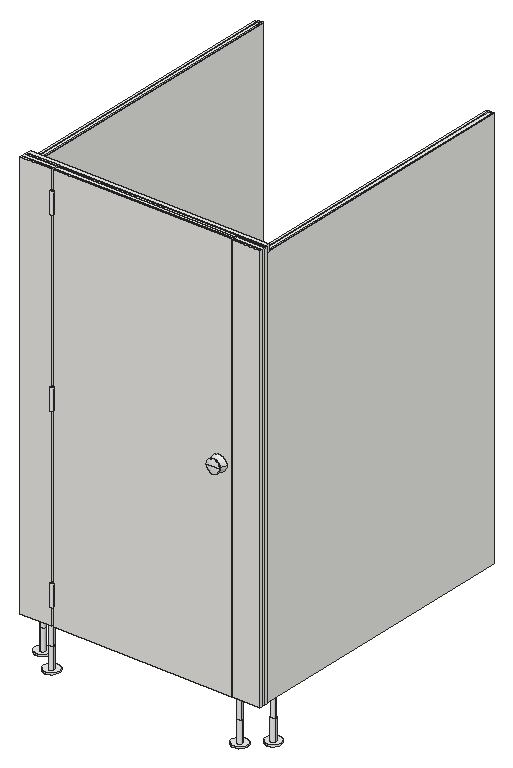
Revit family "Alsanit - Kabiny sanitarne PERSEI - Sandwich", category Doors, Revit 2020
Family settings
  Work Plane-Based = No
  Always vertical = Yes
  Cut with Voids When Loaded = No
  Shared = No
  Room Calculation Point = No
Parameters (values of type "36 mm")
  Średnica wspornika górnego = 57.00 mm  # constant formula
  Średnica nóżki 3 = 70.00 mm  # constant formula
  Średnica nóżki 2 = 22.00 mm  # constant formula
  Wysokość profilu [instance] = if([Typ - kabina podwyższana], 15.00 mm, 475.00 mm)  # 475.00 mm
  Wysokość belki wzmacniającej [instance] = if(or(Prawa strona połączona, Lewa strona połączona, Prawa strona przy ścianie, Lewa strona przy ścianie), 2000.00 mm, Wysokość modułu - 30.00 mm)  # 2000.00 mm
  Width = 0.00 mm  # constant formula
  Type Comments = "Kabiny sanitarne (ścianki giszetowe do WC)"
  Typ nóżek [instance] = and((Thickness < 28.00 mm), not([Typ - kabina bez prześwitu]))  # no
  Typ nózek centralny [instance] = and((Thickness > 28.00 mm), not([Typ - kabina bez prześwitu]))  # yes
  Thickness = Grubość ścianki  # 36.00 mm
  Szerokość drzwi (max. 1000 mm) [instance] = 800.00 mm
  Rough Width = 0.00 mm  # constant formula
  Rough Height = 0.00 mm  # constant formula
  Prawa podpora belki widoczność [instance] = not(Prawa strona przy ścianie)  # yes
  Prawa belka odsunięcie [instance] = if(and(Prawa strona zamknięta, ([Typ - kabina podwyższana])), 0.00 mm, if(Prawa strona połączona, Grubość ścianki / 2, if(Prawa strona przy ścianie, Grubość ścianki + 7.00 mm, Grubość ścianki)))  # 36.00 mm
  Podcięcie na geberit - prawe [instance] = no
  Podcięcie na geberit - prawa wartość [instance] = if([Podcięcie na geberit - prawe], Szerokość wewnętrzna modułu / 2 + 50.00 mm, 5.00 mm)  # 5.00 mm
  Podcięcie na geberit - odsunięcie poziome wartość [instance] = if([Podcięcie na geberit - odsunięcie poziome] = 0.00 mm, 5.00 mm, [Podcięcie na geberit - odsunięcie poziome])  # 5.00 mm
  Podcięcie na geberit - odsunięcie poziome [instance] = 0.00 mm
  Podcięcie na geberit - odsunięcie pionowe wartość [instance] = if([Podcięcie na geberit - odsunięcie pionowe] = 0.00 mm, 5.00 mm, [Podcięcie na geberit - odsunięcie pionowe])  # 5.00 mm
  Podcięcie na geberit - odsunięcie pionowe [instance] = 0.00 mm
  Podcięcie na geberit - lewe [instance] = no
  Podcięcie na geberit - lewa wartość [instance] = if([Podcięcie na geberit - lewe], Szerokość wewnętrzna modułu / 2 + 50.00 mm, 5.00 mm)  # 5.00 mm
  Odległość belki [instance] = 10.00 mm  # constant formula
  Nóżka prawa centralna [instance] = and(Typ nózek centralny, Prawa strona zamknięta)  # yes
  Nóżka lewa centralna [instance] = and(Typ nózek centralny, Lewa strona zamknięta)  # yes
  Nóżka lewa [instance] = and(Typ nóżek, not(Lewa strona połączona), not(Lewa strona przy ścianie))  # no
  Średnica nóżki 1 = 20.00 mm  # constant formula
  Nózka prawa [instance] = and(Typ nóżek, not(Prawa strona przy ścianie))  # no
  Lewa strona belka odsunięcie [instance] = if(and(Lewa strona zamknięta, ([Typ - kabina podwyższana])), 0.00 mm, if(Lewa strona połączona, Grubość ścianki / 2, if(Lewa strona przy ścianie, Grubość ścianki + 7.00 mm, Grubość ścianki)))  # 36.00 mm
  Lewa podpora belki widoczność [instance] = and(not(Lewa strona przy ścianie), not(Lewa strona połączona))  # yes
  Krótki opis = "Kabiny sanitarne ALSANIT posiadające oznaczenie CE zgodnie z parametrami systemu"
  Typ - kabina podwyższana [instance] = no
  Typ - kabina bez prześwitu [instance] = no
  Height = 0.00 mm  # constant formula
  Grubość profilu [instance] = 16.00 mm  # constant formula
  Function = Interior
  Film Instruktażowy = "https://youtu.be/qyrI1CfgFO4"
  Define Thermal Properties by = Schematic Type
  Construction Type = "Kabiny sanitarne"
  Belka lift widoczność [instance] = if(and((Lewa strona przy ścianie), (Prawa strona przy ścianie)), 1 = 0, 1 = 1)  # yes
  Analytic Construction = "<None>"
  Akcesoria - wzmocnienie pionowe prawe [instance] = [Odsunięcie prawej ścianki od osi (min. 60 mm)] > 399.00 mm  # no
  Akcesoria - wzmocnienie pionowe lewe [instance] = (Szerokość wewnętrzna modułu - [Szerokość drzwi (max. 1000 mm)] - [Odsunięcie prawej ścianki od osi (min. 60 mm)]) > 400.00 mm  # no
  Wysokość ścianki łączącej [instance] = if([2030], 2000.00 mm, if((Prawa strona połączona), 2000.00 mm, [Wysokość modułu (2050 - 2600 mm)] - 10.00 mm))  # 2000.00 mm
  Szerokość zewnętrzna modułu [instance] = 1078.00 mm
  Szerokość wewnętrzna modułu [instance] = 1000.00 mm
  Szerokość obliczona [instance] = if(and(Lewa strona przy ścianie, Prawa strona przy ścianie), Szerokość wewnętrzna modułu - 2 * (Grubość ścianki + 7.00 mm), if(or(Lewa strona przy ścianie, Prawa strona przy ścianie), Szerokość wewnętrzna modułu - Grubość ścianki - 7.00 mm, Szerokość wewnętrzna modułu))  # 1000.00 mm
  Odsunięcie ścianki lewej [instance] = if([2600], 10.00 mm, 30.00 mm)  # 30.00 mm
  Odsunięcie górne ścianek frontowych [instance] = if(Belka usztywniająca wzmocniona, 20.00 mm, if([2600], 10.00 mm, 0.00 mm))  # 0.00 mm
  Wysokość szczeliny drzwi [instance] = if([0], 30.00 mm, 188.00 mm)  # 188.00 mm
  Odsunięcie profili w ściance łączącej [instance] = if([2030], 0.00 mm, if(Prawa strona połączona, 0.00 mm, 0.00 mm))  # 0.00 mm
  Wysokość modułu (2050 - 2600 mm) [instance] = 2500.00 mm
  Wysokość modułu [instance] = if([2030], 2030.00 mm, if([Wysokość modułu (2050 - 2600 mm)] < 2050.00 mm, 2050.00 mm, if([Wysokość modułu (2050 - 2600 mm)] > 2600.00 mm, 2600.00 mm, [Wysokość modułu (2050 - 2600 mm)])))  # 2030.00 mm
  Wysokość dolnej szczeliny [instance] = if([0], 0.00 mm, 188.00 mm)  # 188.00 mm
  Wysokość belek frontowych bocznych [instance] = if([0], 0.00 mm, 188.00 mm)  # 188.00 mm
  URL = "https://www.alsanit.pl/"
  Typ 2600 prawa strona zamknięta [instance] = and([2600], Prawa strona zamknięta)  # no
  Typ 2600 lewa strona zamknięta [instance] = and([2600], Lewa strona zamknięta)  # no
  Typ 188 prawa strona nie przy ścianie [instance] = and([188], not(Prawa strona przy ścianie))  # yes
  Typ 188 lewa strona zamknięta [instance] = and([188], Lewa strona zamknięta)  # yes
  Typ 00 prawa strona nie przy ścianie [instance] = and([0], not(Prawa strona przy ścianie))  # no
  Typ 00 lewa strona zamknięta [instance] = and([0], Lewa strona zamknięta)  # no
  2600 [instance] = [Typ - kabina podwyższana]  # no
  2030 [instance] = not([Typ - kabina podwyższana])  # yes
  188 [instance] = not([Typ - kabina bez prześwitu])  # yes
  0 [instance] = [Typ - kabina bez prześwitu]  # no
  Rodzaj płyt = "SP - Płyta sandwichowa"
  Prawe odsunięcie belki dolnej [instance] = if(Prawa strona przy ścianie, 30.00 mm, 0.00 mm)  # 0.00 mm
  Prawa strona niepołączona [instance] = not(Prawa strona połączona)  # yes
  Prawe odsunięcie belki wzmocnionej [instance] = if([2030], 0.00 mm, if(Prawa strona zamknięta, Prawe odsunięcie osi + Grubość ścianki / 2 + 1.50 mm, 0.00 mm))  # 0.00 mm
  Odsunięcie górne belek frontowych [instance] = if(Belka usztywniająca wzmocniona, 30.00 mm, if([2600], 30.00 mm, 0.00 mm))  # 0.00 mm
  Odsunięcie belek od dołu [instance] = if([0], 28.50 mm, 0.00 mm)  # 0.00 mm
  Lewe odsunięcie belki wzmocnionej [instance] = if([2030], 0.00 mm, if(Lewa strona zamknięta, Prawe odsunięcie osi + Grubość ścianki / 2 + 1.50 mm, 0.00 mm))  # 0.00 mm
  Model = "PERSEI"
  Manufacturer = "Alsanit"
  Lewe odsunięcie belki dolnej [instance] = if(Lewa strona przy ścianie, 30.00 mm, 0.00 mm)  # 0.00 mm
  Lewa strona niepołączona [instance] = not(Lewa strona połączona)  # yes
  Głębokość modułu (max. 1600 mm) [instance] = 1290.00 mm
  Głębokość modułu [instance] = if([Głębokość modułu (max. 1600 mm)] > 1500.00 mm, 1600.00 mm, [Głębokość modułu (max. 1600 mm)])  # 1290.00 mm
  Description = "Kabiny sanitarne to idealna kombinacja trwałości i estetyki w najnowszej cenie. Ze względu na estetyczność zastosowań jest najchętniej kupowanym systemem kabin sanitarnych w Polsce."
  Belka usztywniająca wzmocniona [instance] = and([2030], Szerokość wewnętrzna modułu > 1300.00 mm)  # no
  Belka usztywniająca [instance] = and(not(Belka usztywniająca wzmocniona), not([Typ - kabina podwyższana]))  # yes
  Autor = "www.archispace.pl"
  Orientacja - na zewnątrz [instance] = not([Orientacja - do wewnątrz])  # yes
  Orientacja - do wewnątrz [instance] = no
  Wysokość drzwi [instance] = if(Belka usztywniająca wzmocniona, 2030.00 mm, if([2600], 2015.00 mm, 2030.00 mm))  # 2030.00 mm
  Ścianka łącząca [instance] = not(Prawa strona przy ścianie)  # yes
  Szerokość drzwi [instance] = if([Szerokość drzwi (max. 1000 mm)] > 1000.00 mm, 1000.00 mm, [Szerokość drzwi (max. 1000 mm)])  # 800.00 mm
  Prawe odsunięcie osi [instance] = if(Prawa strona zamknięta, Grubość ścianki / 2 + 3.00 mm, if(Prawa strona przy ścianie, Grubość ścianki / 2 + 7.00 mm, 0.00 mm))  # 21.00 mm
  Prawa strona zamknięta typ = Rodzaj połączenia : Zamknięta
  Prawa strona zamknięta [instance] = [Połączenie - prawa strona] = Prawa strona zamknięta typ  # yes
  Prawa strona przy ścianie typ = Rodzaj połączenia : Przy ścianie
  Prawa strona przy ścianie [instance] = [Połączenie - prawa strona] = Prawa strona przy ścianie typ  # no
  Prawa strona połączona typ = Rodzaj połączenia : Połączona
  Prawa strona połączona [instance] = [Połączenie - prawa strona] = Prawa strona połączona typ  # no
  Prawe odsunięcie osi panelu [instance] = if(Prawa strona przy ścianie, 10.00 mm, 0.00 mm)  # 0.00 mm
  Odsunięcie prawej ścianki od osi (min. 60 mm) [instance] = 100.00 mm
  Połączenie - prawa strona [instance] = Rodzaj połączenia : Zamknięta
  Orientacja - odbij lustrzanie [instance] = no
  Materiał płyt = Alsanit - SANDWICH - Biały 9016
  Materiał okuć = Alsanit - Aluminium
  Materiał wsporników = Alsanit - Aluminium
  Materiał belek = Alsanit - Aluminium
  Lewe odsunięcie osi panelu [instance] = if(Lewa strona przy ścianie, 10.00 mm, 0.00 mm)  # 0.00 mm
  Lewe odsunięcie osi [instance] = if(Lewa strona zamknięta, Grubość ścianki / 2 + 3.00 mm, if(Lewa strona przy ścianie, Grubość ścianki / 2 + 7.00 mm, 0.00 mm))  # 21.00 mm
  Lewa strona zamknięta typ = Rodzaj połączenia : Zamknięta
  Lewa strona zamknięta [instance] = [Połączenie - lewa strona] = Lewa strona zamknięta typ  # yes
  Lewa strona przy ścianie typ = Rodzaj połączenia : Przy ścianie
  Lewa strona przy ścianie [instance] = [Połączenie - lewa strona] = Lewa strona przy ścianie typ  # no
  Lewa strona połączona typ = Rodzaj połączenia : Połączona
  Lewa strona połączona [instance] = [Połączenie - lewa strona] = Lewa strona połączona typ  # no
  Odsunięcie lewej ścianki od osi (min. 60 mm) [instance] = 122.00 mm
  Połączenie - lewa strona [instance] = Rodzaj połączenia : Zamknięta
  Grubość ścianki = 36.00 mm
  Default Elevation = 0.00 mm
  Orientacja - bez odbicia [instance] = not([Orientacja - odbij lustrzanie])  # yes
Reference planes
  plane 1 "Center (Front/Back)": y = 0
  plane 2: z = 0
  plane 3 "Center (Left/Right)": x = 0
  plane 4: x = -500
  plane 5: x = 500
  plane 6: x = 518
  plane 7: x = 536
  plane 8: x = -518
  plane 9: x = -536
  plane 10: y = -1290
  plane 11: y = -1326
  plane 12: y = -10
  plane 13: y = -1284
  plane 14: y = -1308
  plane 15 "Lewa oś wstawienia": x = -539
  plane 16 "Prawa oś wstawienia": x = 539
  plane 17: y = -1224.5
  plane 18: x = 418
  plane 19: x = 411
  plane 20: x = -389
  plane 21: x = -396
  plane 22 "Prawe odsunięcie osi panelu": x = 539
  plane 23 "Lewe odsunięcie osi panelu": x = -539
  plane 24: x = 11
  plane 25: x = -412.5
  plane 26: x = 434.5
  plane 27: z = 188
  plane 28 "Wysokość modułu": z = 2030
  plane 29 "Odsunięcie górne ścianek frontowych": z = 2030
  plane 30: y = -1288.5
  plane 31: x = -539
  plane 32: x = 539
  plane 33: z = 100
  plane 34: z = 243.5
  plane 35: z = 2000
  plane 36: z = 188
  plane 37: x = -539
  plane 38: x = 539
  plane 39: z = 188
  plane 40: z = 2000
  plane 41: z = 2000
  plane 42: z = 2000
  plane 43: z = 2000
  plane 44: z = 2000
  plane 45: z = 2000
  plane 46: x = 608
  plane 47: x = -586
  plane 48: z = 2035
  plane 49: z = 2030
  plane 50: z = 2000
  plane 51: z = 2000
  plane 52: z = 2000
  plane 53: z = 2000
  plane 54: x = -604
  plane 55: x = -568
  plane 56: x = 590
  plane 57: x = 626
  plane 58: x = -5
  plane 59: x = 5
  plane 60: z = 5
  plane 61: y = -5
  plane 62: z = 5
  plane 63: y = -5
  plane 64: y = -1280
  plane 65: z = 5
  plane 66: z = 2505
  plane 67: x = -536
  plane 68: x = 536
  plane 69: z = 2602
  plane 70: z = 2000
  plane 71: y = -1317
  plane 72: y = -1299
  plane 73: x = -527
  plane 74: x = -509
  plane 75: x = 509
  plane 76: x = 527
  plane 77: z = 2218
  plane 78: z = 2223
  plane 79: z = 2035
  plane 80: z = 2030
Forms (mm)
  Sweep 1, solid, material "Alsanit - SANDWICH - Biały 9016" <- "Materiał płyt", visible <- "Ścianka łącząca"
    path origin (0, 0, 0) x (1, 0, 0) y (0, 0, 1)
      loop
        line (518, 188) -> (518, 2000)
    profile origin (518, 0, 1094) x (-1, 0, 0) y (0, -1, 0)
      loop
        line (18, 10) -> (18, 1284) -> (9, 1284) -> (9, 10) -> (18, 10)
  Sweep 2, solid, material "Alsanit - SANDWICH - Biały 9016" <- "Materiał płyt", visible <- "Lewa strona zamknięta"
    path origin (0, 0, 0) x (-1, 0, 0) y (0, 0, 1)
      loop
        line (518, 188) -> (518, 2000)
    profile origin (-518, 0, 1094) x (-1, 0, 0) y (0, -1, 0)
      loop
        line (9, 10) -> (18, 10) -> (18, 1284) -> (9, 1284) -> (9, 10)
  Sweep 3, solid, material "Alsanit - Aluminium" <- "Materiał belek", visible <- "Ścianka łącząca", detail levels medium+fine
    path origin (0, 0, 0) x (1, 0, 0) y (0, 0, 1)
      loop
        line (518, 2000) -> (518, 188)
    profile "U-profile : U-profile wall" origin (518, 0, 1094) x (1, 0, 0) y (0, -1, 0)
      loop
        line (9.5, 0) -> (9.5, 30) -> (8, 30) -> (8, 1.5) -> (-8, 1.5) -> (-8, 30) -> (-9.5, 30) -> (-9.5, 0) -> (9.5, 0)
  Sweep 4, solid, material "Alsanit - Aluminium" <- "Materiał belek", visible <- "Lewa strona zamknięta", detail levels medium+fine
    path origin (0, 0, 0) x (-1, 0, 0) y (0, 0, 1)
      loop
        line (518, 2000) -> (518, 188)
    profile "U-profile : U-profile wall" origin (-518, 0, 1094) x (1, 0, 0) y (0, -1, 0)
      loop
        line (9.5, 0) -> (9.5, 30) -> (8, 30) -> (8, 1.5) -> (-8, 1.5) -> (-8, 30) -> (-9.5, 30) -> (-9.5, 0) -> (9.5, 0)
  Sweep 5, solid, material "Alsanit - Aluminium" <- "Materiał belek", visible <- "Lewa strona zamknięta", detail levels medium+fine
    path origin (673.537, -1290, 1200) x (1, 0, 0) y (0, 0, 1)
      loop
        line (-1191.537, 800) -> (-1191.537, -1012)
    profile "U-profile : U-profile wall" origin (-518, -1290, 1094) x (1, 0, 0) y (0, -1, 0)
      loop
        line (-9.5, 0) -> (-9.5, -30) -> (-8, -30) -> (-8, -1.5) -> (8, -1.5) -> (8, -30) -> (9.5, -30) -> (9.5, 0) -> (-9.5, 0)
  Sweep 6, solid, material "Alsanit - Aluminium" <- "Materiał belek", visible <- "Ścianka łącząca", detail levels medium+fine
    path origin (673.537, -1290, 1200) x (1, 0, 0) y (0, 0, 1)
      loop
        line (-155.537, 800) -> (-155.537, -1012)
    profile "U-profile : U-profile wall" origin (518, -1290, 1094) x (1, 0, 0) y (0, -1, 0)
      loop
        line (-9.5, 0) -> (-9.5, -30) -> (-8, -30) -> (-8, -1.5) -> (8, -1.5) -> (8, -30) -> (9.5, -30) -> (9.5, 0) -> (-9.5, 0)
  Extrusion 7, solid, material "Alsanit - SANDWICH - Biały 9016" <- "Materiał płyt", detail levels medium+fine
    sketch origin (0, 0, 0) x (1, 0, 0) y (0, 1, 0)
      loop
        line (-396, -1326) -> (-396, -1317) -> (-539, -1317) -> (-539, -1326) -> (-396, -1326)
    from 188 to 2030
  Extrusion 8, solid, material "Alsanit - SANDWICH - Biały 9016" <- "Materiał płyt", detail levels medium+fine
    sketch origin (0, 0, 0) x (-1, 0, 0) y (0, -1, 0)
      loop
        line (-539, 1326) -> (-539, 1317) -> (-418, 1317) -> (-418, 1326) -> (-539, 1326)
    from 188 to 2030
  Sweep 9, solid, material "Alsanit - Aluminium" <- "Materiał belek", visible <- "Lewa strona przy ścianie", detail levels medium+fine
    path origin (-771.956, -1308, 1200) x (-1, 0, 0) y (0, 0, 1)
      loop
        line (-232.956, -1012) -> (-232.956, 800)
    profile "U-profile : U-profile wall" origin (-539, -1308, 1094) x (1, 0, 0) y (0, 1, 0)
      loop
        line (0, -9.5) -> (30, -9.5) -> (30, -8) -> (1.5, -8) -> (1.5, 8) -> (30, 8) -> (30, 9.5) -> (0, 9.5) -> (0, -9.5)
  Sweep 10, solid, material "Alsanit - Aluminium" <- "Materiał belek", visible <- "Prawa strona przy ścianie", detail levels medium+fine
    path origin (771.956, -1308, 1200) x (1, 0, 0) y (0, 0, -1)
      loop
        line (-232.956, 1012) -> (-232.956, -800)
    profile "U-profile : U-profile wall" origin (539, -1308, 1094) x (1, 0, 0) y (0, 1, 0)
      loop
        line (0, 9.5) -> (-30, 9.5) -> (-30, 8) -> (-1.5, 8) -> (-1.5, -8) -> (-30, -8) -> (-30, -9.5) -> (0, -9.5) -> (0, 9.5)
  Extrusion 11, solid, material "Alsanit - SANDWICH - Biały 9016" <- "Materiał płyt", detail levels coarse
    sketch origin (0, 0, 0) x (1, 0, 0) y (0, 1, 0)
      loop
        line (-539, -1290) -> (-539, -1326) -> (539, -1326) -> (539, -1290) -> (-539, -1290)
    from 188 to 2030
  Sweep 12, solid, material "Alsanit - Aluminium" <- "Materiał belek", not visible, detail levels medium+fine
    path origin (-771.956, -1308, 4200) x (-1, 0, 0) y (0, 0, 1)
      loop
        line (-232.956, -2170) -> (-1310.956, -2170)
    profile "U-profile : U-profile wall" origin (0, -1308, 2030) x (0, 0, -1) y (0, 1, 0)
      loop
        line (0, -9.5) -> (30, -9.5) -> (30, -8) -> (1.5, -8) -> (1.5, 8) -> (30, 8) -> (30, 9.5) -> (0, 9.5) -> (0, -9.5)
  Sweep 13, solid, material "Alsanit - SANDWICH - Biały 9016" <- "Materiał płyt", visible <- "Akcesoria - wzmocnienie pionowe prawe", detail levels medium+fine
    path origin (-771.956, -1308, 1200) x (-1, 0, 0) y (0, 0, 1)
      loop
        line (-1379.956, -1012) -> (-1379.956, 800)
    profile origin (608, -1308, 1094) x (1, 0, 0) y (0, 1, 0)
      loop
        line (-18, 24) -> (18, 24) -> (18, 119) -> (-18, 119) -> (-18, 24)
  Sweep 14, solid, material "Alsanit - Aluminium" <- "Materiał belek", visible <- "Akcesoria - wzmocnienie pionowe prawe", detail levels medium+fine
    path origin (673.537, -1290, 1200) x (1, 0, 0) y (0, 0, 1)
      loop
        line (-65.537, -1012) -> (-65.537, 800)
    profile "U-profile : U-profile wall" origin (608, -1290, 1094) x (-1, 0, 0) y (0, -1, 0)
      loop
        line (-9.5, 0) -> (-9.5, -30) -> (-8, -30) -> (-8, -1.5) -> (8, -1.5) -> (8, -30) -> (9.5, -30) -> (9.5, 0) -> (-9.5, 0)
  Sweep 15, solid, material "Alsanit - SANDWICH - Biały 9016" <- "Materiał płyt", visible <- "Akcesoria - wzmocnienie pionowe lewe", detail levels medium+fine
    path origin (1162.956, -1308, 1200) x (1, 0, 0) y (0, 0, -1)
      loop
        line (-1748.956, 1012) -> (-1748.956, -800)
    profile origin (-586, -1308, 1094) x (1, 0, 0) y (0, 1, 0)
      loop
        line (18, 24) -> (18, 119) -> (-18, 119) -> (-18, 24) -> (18, 24)
  Sweep 16, solid, material "Alsanit - Aluminium" <- "Materiał belek", visible <- "Akcesoria - wzmocnienie pionowe lewe", detail levels medium+fine
    path origin (673.537, -1290, 1200) x (1, 0, 0) y (0, 0, 1)
      loop
        line (-1259.537, -1012) -> (-1259.537, 800)
    profile "U-profile : U-profile wall" origin (-586, -1290, 1094) x (-1, 0, 0) y (0, -1, 0)
      loop
        line (9.5, 0) -> (-9.5, 0) -> (-9.5, -30) -> (-8, -30) -> (-8, -1.5) -> (8, -1.5) -> (8, -30) -> (9.5, -30) -> (9.5, 0)
  Sweep 17, solid, material "Alsanit - Aluminium" <- "Materiał belek", visible <- "Belka usztywniająca wzmocniona"
    path origin (0, -160, 0) x (1, 0, 0) y (0, 1, 0)
      loop
        line (-539, -1148) -> (539, -1148)
    profile origin (0, -1308, 0) x (0, 1, 0) y (0, 0, 1)
      loop
        line (-18, 2000) -> (-18, 2010.006) -> (18, 2010.006) -> (18, 2000.02) -> (22.963, 2000.02)
        arc (22.963, 2000.02) -> (24.436, 2000.677) -> (24.932, 2002.212) r 1.98
        arc (24.932, 2002.212) -> (26.596, 2020.985) -> (21.301, 2039.072) r 50.788
        arc (21.301, 2039.072) -> (20.681, 2039.452) -> (19.965, 2039.584) r 2
        line (19.965, 2039.584) -> (19.002, 2039.584) -> (19.002, 2038.184) -> (20.303, 2038.184)
        arc (20.303, 2038.184) -> (24.641, 2025.444) -> (25.387, 2012.006) r 49.497
        line (25.387, 2012.006) -> (-17.028, 2012.006) -> (-17.028, 2032.006) -> (-29.863, 2032.006)
        arc (-29.863, 2032.006) -> (-31.103, 2031.576) -> (-31.809, 2030.469) r 2
        arc (-31.809, 2030.469) -> (-33.902, 2016.003) -> (-31.807, 2001.537) r 51.012
        arc (-31.807, 2001.537) -> (-31.101, 2000.431) -> (-29.861, 2000) r 2
        line (-29.861, 2000) -> (-18, 2000)
  Sweep 18, solid, material "Alsanit - SANDWICH - Biały 9016" <- "Materiał płyt", visible <- "2600", detail levels medium+fine
    path origin (0, 0, 0) x (1, 0, 0) y (0, 1, 0)
      loop
        line (-389, -1308) -> (411, -1308)
    profile origin (11, -1308, 0) x (0, 1, 0) y (0, 0, 1)
      loop
        line (-9, 2030) -> (-9, 2035) -> (-18, 2035) -> (-18, 2030) -> (-9, 2030)
  Extrusion 19, solid, material "Alsanit - Aluminium" <- "Materiał wsporników", visible <- "Akcesoria - wzmocnienie pionowe lewe"
    sketch origin (-83, 0, 0) x (1, 0, 0) y (0, 1, 0)
      loop
        circle (-503, -1224.5) r 7.5
    from 0 to 188
  Extrusion 20, solid, material "Alsanit - Aluminium" <- "Materiał wsporników", visible <- "Akcesoria - wzmocnienie pionowe prawe"
    sketch origin (1111, 0, 0) x (1, 0, 0) y (0, 1, 0)
      loop
        circle (-503, -1224.5) r 7.5
    from 0 to 188
  Sweep 21, void
    path origin (0, 0, 0) x (1, 0, 0) y (0, 1, 0)
      loop
        line (0, 0) -> (-5, 0)
    profile origin (-2.5, 0, 0) x (0, -1, 0) y (0, 0, 1)
      loop
        line (0, 5) -> (0, 0) -> (5, 0) -> (5, 5) -> (0, 5)
  Sweep 22, void
    path origin (0, 0, 0) x (-1, 0, 0) y (0, -1, 0)
      loop
        line (0, 0) -> (-5, 0)
    profile origin (2.5, 0, 0) x (0, 1, 0) y (0, 0, 1)
      loop
        line (0, 5) -> (-5, 5) -> (-5, 0) -> (0, 0) -> (0, 5)
  Sweep 23, solid, material "Alsanit - Aluminium" <- "Materiał wsporników", visible <- "Nóżka lewa centralna"
    path origin (-771.956, -1308, 1200) x (-1, 0, 0) y (0, 0, 1)
      loop
        line (-253.956, -1012) -> (-253.956, -1100)
    profile origin (-518, -1308, 144) x (0, 1, 0) y (-1, 0, 0)
      loop
        circle (83.5, 0) r 10
  Sweep 24, solid, material "Alsanit - Aluminium" <- "Materiał wsporników", visible <- "Typ nózek centralny"
    path origin (-771.956, -1308, 1200) x (-1, 0, 0) y (0, 0, 1)
      loop
        line (-359.456, -1100) -> (-359.456, -1012)
    profile origin (-412.5, -1308, 144) x (1, 0, 0) y (0, 1, 0)
      loop
        circle (0, 0) r 10
  Sweep 25, solid, material "Alsanit - Aluminium" <- "Materiał wsporników", visible <- "Typ nózek centralny"
    path origin (-771.956, -1308, 1200) x (-1, 0, 0) y (0, 0, 1)
      loop
        line (-1206.456, -1100) -> (-1206.456, -1012)
    profile origin (434.5, -1308, 144) x (1, 0, 0) y (0, 1, 0)
      loop
        circle (0, 0) r 10
  Sweep 26, solid, material "Alsanit - Aluminium" <- "Materiał wsporników", visible <- "Nóżka prawa centralna"
    path origin (-771.956, -1308, 1200) x (-1, 0, 0) y (0, 0, 1)
      loop
        line (-1289.956, -1100) -> (-1289.956, -1012)
    profile origin (518, -1308, 144) x (1, 0, 0) y (0, 1, 0)
      loop
        circle (0, 83.5) r 10
  Sweep 27, solid, material "Alsanit - Aluminium" <- "Materiał wsporników", visible <- "Nóżka lewa centralna"
    path origin (-771.956, -1308, 1200) x (-1, 0, 0) y (0, 0, 1)
      loop
        line (-253.956, -1100) -> (-253.956, -1195)
    profile origin (-518, -1308, 52.5) x (0, 1, 0) y (-1, 0, 0)
      loop
        circle (83.5, 0) r 11
  Sweep 28, solid, material "Alsanit - Aluminium" <- "Materiał wsporników", visible <- "Typ nózek centralny"
    path origin (-771.956, -1308, 1200) x (-1, 0, 0) y (0, 0, 1)
      loop
        line (-359.456, -1195) -> (-359.456, -1100)
    profile origin (-412.5, -1308, 52.5) x (1, 0, 0) y (0, 1, 0)
      loop
        circle (0, 0) r 11
  Sweep 29, solid, material "Alsanit - Aluminium" <- "Materiał wsporników", visible <- "Typ nózek centralny"
    path origin (-771.956, -1308, 1200) x (-1, 0, 0) y (0, 0, 1)
      loop
        line (-1206.456, -1195) -> (-1206.456, -1100)
    profile origin (434.5, -1308, 52.5) x (1, 0, 0) y (0, 1, 0)
      loop
        circle (0, 0) r 11
  Sweep 30, solid, material "Alsanit - Aluminium" <- "Materiał wsporników", visible <- "Nóżka prawa centralna"
    path origin (-771.956, -1308, 1200) x (-1, 0, 0) y (0, 0, 1)
      loop
        line (-1289.956, -1195) -> (-1289.956, -1100)
    profile origin (518, -1308, 52.5) x (1, 0, 0) y (0, 1, 0)
      loop
        circle (0, 83.5) r 11
  Sweep 31, solid, material "Alsanit - Aluminium" <- "Materiał wsporników", visible <- "Nóżka lewa centralna"
    path origin (-771.956, -1308, 1200) x (-1, 0, 0) y (0, 0, 1)
      loop
        line (-253.956, -1200) -> (-253.956, -1195)
    profile origin (-518, -1308, 2.5) x (1, 0, 0) y (0, 1, 0)
      loop
        circle (0, 83.5) r 35
  Sweep 32, solid, material "Alsanit - Aluminium" <- "Materiał wsporników", visible <- "Typ nózek centralny"
    path origin (-771.956, -1308, 1200) x (-1, 0, 0) y (0, 0, 1)
      loop
        line (-359.456, -1200) -> (-359.456, -1195)
    profile origin (-412.5, -1308, 2.5) x (1, 0, 0) y (0, 1, 0)
      loop
        circle (0, 0) r 35
  Sweep 33, solid, material "Alsanit - Aluminium" <- "Materiał wsporników", visible <- "Typ nózek centralny"
    path origin (-771.956, -1308, 1200) x (-1, 0, 0) y (0, 0, 1)
      loop
        line (-1206.456, -1200) -> (-1206.456, -1195)
    profile origin (434.5, -1308, 2.5) x (1, 0, 0) y (0, 1, 0)
      loop
        circle (0, 0) r 35
  Sweep 34, solid, material "Alsanit - Aluminium" <- "Materiał wsporników", visible <- "Nóżka prawa centralna"
    path origin (-771.956, -1308, 1200) x (-1, 0, 0) y (0, 0, 1)
      loop
        line (-1289.956, -1200) -> (-1289.956, -1195)
    profile origin (518, -1308, 2.5) x (1, 0, 0) y (0, 1, 0)
      loop
        circle (0, 83.5) r 35
  Sweep 35, solid, material "Alsanit - Aluminium" <- "Materiał belek", visible <- "Belka lift widoczność", detail levels medium+fine
    path origin (0, 0, 0) x (1, 0, 0) y (0, 1, 0)
      loop
        line (-536, -1280) -> (536, -1280)
    profile origin (0, -1280, 0) x (0, 1, 0) y (0, 0, 1)
      loop
        line (10, 2000) -> (10, 2030) -> (-10, 2030) -> (-10, 2000) -> (10, 2000)
  Extrusion 36, solid, material "Alsanit - Aluminium" <- "Materiał okuć"
    sketch origin (0, 0, 0) x (1, 0, 0) y (0, 1, 0)
      loop
        line (418, -1317) -> (539, -1317) -> (539, -1299) -> (418, -1299) -> (418, -1317)
    from 188 to 2030
  Extrusion 37, solid, material "Alsanit - SANDWICH - Biały 9016" <- "Materiał płyt"
    sketch origin (0, 0, 0) x (1, 0, 0) y (0, 1, 0)
      loop
        line (418, -1299) -> (539, -1299) -> (539, -1290) -> (418, -1290) -> (418, -1299)
    from 188 to 2030
  Extrusion 38, solid, material "Alsanit - Aluminium" <- "Materiał okuć"
    sketch origin (0, 0, 0) x (1, 0, 0) y (0, 1, 0)
      loop
        line (-539, -1317) -> (-396, -1317) -> (-396, -1299) -> (-539, -1299) -> (-539, -1317)
    from 188 to 2030
  Extrusion 39, solid, material "Alsanit - SANDWICH - Biały 9016" <- "Materiał płyt"
    sketch origin (0, 0, 0) x (1, 0, 0) y (0, 1, 0)
      loop
        line (-396, -1299) -> (-396, -1290) -> (-539, -1290) -> (-539, -1299) -> (-396, -1299)
    from 188 to 2030
  Extrusion 40, solid, material "Alsanit - Aluminium" <- "Materiał okuć", visible <- "Lewa strona zamknięta"
    sketch origin (0, 0, 0) x (1, 0, 0) y (0, 1, 0)
      loop
        line (-527, -10) -> (-527, -1284) -> (-509, -1284) -> (-509, -10) -> (-527, -10)
    from 188 to 2000
  Extrusion 41, solid, material "Alsanit - SANDWICH - Biały 9016" <- "Materiał płyt", visible <- "Lewa strona zamknięta"
    sketch origin (0, 0, 0) x (1, 0, 0) y (0, 1, 0)
      loop
        line (-509, -10) -> (-509, -1284) -> (-500, -1284) -> (-500, -10) -> (-509, -10)
    from 188 to 2000
  Sweep 42, solid, material "Alsanit - Aluminium" <- "Materiał okuć", visible <- "Ścianka łącząca"
    path origin (-771.956, -1308, 1200) x (-1, 0, 0) y (0, 0, 1)
      loop
        line (-1289.956, -1012) -> (-1289.956, 800)
    profile origin (518, -1308, 1094) x (1, 0, 0) y (0, 1, 0)
      loop
        line (-9, 1298) -> (-9, 24) -> (9, 24) -> (9, 1298) -> (-9, 1298)
  Sweep 43, solid, material "Alsanit - SANDWICH - Biały 9016" <- "Materiał płyt", visible <- "Ścianka łącząca"
    path origin (-771.956, -1308, 1200) x (-1, 0, 0) y (0, 0, 1)
      loop
        line (-1289.956, -1012) -> (-1289.956, 800)
    profile origin (518, -1308, 1094) x (1, 0, 0) y (0, 1, 0)
      loop
        line (18, 1298) -> (9, 1298) -> (9, 24) -> (18, 24) -> (18, 1298)
  Sweep 44, solid, material "Alsanit - Aluminium" <- "Materiał okuć", visible <- "2600"
    path origin (0, 0, 0) x (1, 0, 0) y (0, 1, 0)
      loop
        line (411, -1308) -> (-389, -1308)
    profile origin (11, -1308, 0) x (0, -1, 0) y (0, 0, 1)
      loop
        line (9, 2030) -> (9, 2223) -> (-9, 2223) -> (-9, 2030) -> (9, 2030)
  Sweep 45, solid, material "Alsanit - SANDWICH - Biały 9016" <- "Materiał płyt", visible <- "2600"
    path origin (0, 0, 0) x (1, 0, 0) y (0, 1, 0)
      loop
        line (-389, -1308) -> (411, -1308)
    profile origin (11, -1308, 0) x (0, 1, 0) y (0, 0, 1)
      loop
        line (9, 2035) -> (9, 2030) -> (18, 2030) -> (18, 2035) -> (9, 2035)
Cuts and joins
  Sweep 21 cuts Sweep 4
  Sweep 21 cuts Sweep 2
  Sweep 22 cuts Sweep 1
  Sweep 22 cuts Sweep 3
  joined: Sweep 23, Sweep 27, Sweep 31
  joined: Sweep 24, Sweep 28, Sweep 32
  joined: Sweep 25, Sweep 29, Sweep 33
  joined: Sweep 26, Sweep 30, Sweep 34
  Sweep 21 cuts Extrusion 40
  Sweep 21 cuts Extrusion 41
  Sweep 22 cuts Sweep 42
  Sweep 22 cuts Sweep 43
Lines and regions (mm)
  model lines, style "Doors", detail levels medium+fine
    curve 1: line (418, -1326, 2030) -> (418, -1326, 188)
    curve 3: line (539, -1326, 2030) -> (418, -1326, 2030)
    curve 6: line (-396, -1326, 188) -> (-396, -1326, 2030)
    curve 7: line (-396, -1326, 2030) -> (-539, -1326, 2030)
    curve 10: line (-396, -1290, 188) -> (-396, -1326, 188)
    curve 11: line (418, -1290, 188) -> (418, -1326, 188)
    curve 14: line (-396, -1290, 2030) -> (-396, -1326, 2030)
    curve 15: line (418, -1290, 2030) -> (418, -1326, 2030)
    curve 17: line (418, -1290, 2030) -> (418, -1290, 188)
    curve 19: line (539, -1290, 2030) -> (418, -1290, 2030)
    curve 20: line (418, -1290, 188) -> (539, -1290, 188)
    curve 22: line (-396, -1290, 188) -> (-396, -1290, 2030)
    curve 23: line (-396, -1290, 2030) -> (-539, -1290, 2030)
    curve 24: line (-539, -1290, 188) -> (-396, -1290, 188)
  model lines, style "Doors", visible <- "Prawa strona niepołączona", detail levels medium+fine
    curve 2: line (539, -1326, 188) -> (539, -1326, 2030)
    curve 12: line (539, -1290, 188) -> (539, -1326, 188)
    curve 16: line (539, -1290, 2030) -> (539, -1326, 2030)
    curve 18: line (539, -1290, 188) -> (539, -1290, 2030)
  model lines, style "Doors"
    curve 4: line (418, -1326, 188) -> (539, -1326, 188)
    curve 8: line (-539, -1326, 188) -> (-396, -1326, 188)
  model lines, style "Doors", visible <- "Lewa strona niepołączona", detail levels medium+fine
    curve 5: line (-539, -1326, 2030) -> (-539, -1326, 188)
    curve 9: line (-539, -1290, 188) -> (-539, -1326, 188)
    curve 13: line (-539, -1290, 2030) -> (-539, -1326, 2030)
    curve 21: line (-539, -1290, 2030) -> (-539, -1290, 188)
Dimensions and locks
  equal spacing: plane 5, plane 6, plane 7
  "Grubość ścianki": plane 5 to plane 7
  equal spacing: plane 9, plane 8, plane 4
  "Grubość ścianki": plane 9 to plane 4
  "Głębokość modułu": plane 10 to plane 1 "Center (Front/Back)"
  "Grubość ścianki": plane 11 to plane 10
  locked: plane 12 to plane 1 "Center (Front/Back)" at 10
  locked: plane 10 to plane 13 at 6
  equal spacing: plane 10, plane 14, plane 11
  equal spacing: plane 4, plane 3 "Center (Left/Right)", plane 5
  "Szerokość obliczona": plane 4 to plane 5
  "Lewe odsunięcie osi": plane 15 "Lewa oś wstawienia" to plane 8
  "Prawe odsunięcie osi": plane 6 to plane 16 "Prawa oś wstawienia"
  locked: plane 10 to plane 17 at 65.5
  locked: plane 19 to plane 18 at 7
  locked: plane 21 to plane 20 at 7
  "Szerokość drzwi": plane 20 to plane 19
  equal spacing: plane 20, plane 24, plane 19
  locked: plane 25 to plane 20 at 23.5
  locked: plane 19 to plane 26 at 23.5
  "Odsunięcie prawej ścianki od osi (min. 60 mm)": plane 18 to plane 6
  "Odsunięcie lewej ścianki od osi (min. 60 mm)": plane 8 to plane 21
  "Wysokość modułu": plane 28 "Wysokość modułu" to plane 2
  locked: plane 10 to plane 30 at 1.5
  "Wysokość dolnej szczeliny": plane 27 to level
  locked: plane 33 to plane 2 at 100
  plane 31 to plane 4 = 39.00 mm
  "Prawe odsunięcie belki wzmocnionej": plane 32 to plane 16 "Prawa oś wstawienia"
  locked: plane 34 to plane 27 at 55.5
  locked: plane 28 "Wysokość modułu" to plane 35 at 30
  "Lewe odsunięcie osi panelu": plane 15 "Lewa oś wstawienia" to plane 23 "Lewe odsunięcie osi panelu"
  "Prawe odsunięcie osi panelu": plane 22 "Prawe odsunięcie osi panelu" to plane 16 "Prawa oś wstawienia"
  "Odsunięcie belek od dołu": plane 36 to plane 27
  "Lewe odsunięcie belki dolnej": plane 15 "Lewa oś wstawienia" to plane 37
  "Prawe odsunięcie belki dolnej": plane 38 to plane 16 "Prawa oś wstawienia"
  "Wysokość belek frontowych bocznych": plane 39 to plane 2
  "Wysokość ścianki łączącej": plane 40 to level
  "Odsunięcie ścianki lewej": plane 28 "Wysokość modułu" to plane 42
  "Odsunięcie górne ścianek frontowych": plane 28 "Wysokość modułu" to plane 29 "Odsunięcie górne ścianek frontowych"
  "Odsunięcie profili w ściance łączącej": plane 40 to plane 43
  "Odsunięcie profili w ściance łączącej": plane 40 to plane 44
  "Szerokość zewnętrzna modułu": plane 15 "Lewa oś wstawienia" to plane 16 "Prawa oś wstawienia"
  locked: plane 18 to plane 46 at 190
  locked: plane 47 to plane 21 at 190
  plane 20 to plane 21 = 7.00 mm
  "Wysokość drzwi": plane 49 to level
  locked: plane 48 to plane 49 at 5
  locked: plane 50 to plane 2 at 2000
  locked: plane 52 to level at 2000
  locked: plane 53 to level at 2000
  equal spacing: plane 54, plane 47, plane 55
  "Grubość ścianki": plane 54 to plane 55
  equal spacing: plane 56, plane 46, plane 57
  "Grubość ścianki": plane 56 to plane 57
  "Podcięcie na geberit - lewa wartość": plane 58 to plane 3 "Center (Left/Right)"
  "Podcięcie na geberit - prawa wartość": plane 3 "Center (Left/Right)" to plane 59
  "Podcięcie na geberit - odsunięcie poziome wartość": plane 1 "Center (Front/Back)" to plane 61
  "Podcięcie na geberit - odsunięcie pionowe wartość": plane 60 to level
  "Podcięcie na geberit - odsunięcie pionowe wartość": plane 62 to level
  "Podcięcie na geberit - odsunięcie poziome wartość": plane 1 "Center (Front/Back)" to plane 63
  "Odległość belki": plane 10 to plane 64
  equal spacing: Sweep 23 sketch curve, plane 17, Sweep 23 sketch curve
  equal spacing: Sweep 23 sketch curve, plane 8, Sweep 23 sketch curve
  equal spacing: Sweep 24 sketch curve, plane 25, Sweep 24 sketch curve
  equal spacing: Sweep 24 sketch curve, plane 14, Sweep 24 sketch curve
  equal spacing: Sweep 25 sketch curve, plane 14, Sweep 25 sketch curve
  equal spacing: Sweep 25 sketch curve, plane 26, Sweep 25 sketch curve
  equal spacing: Sweep 26 sketch curve, plane 6, Sweep 26 sketch curve
  equal spacing: Sweep 26 sketch curve, plane 17, Sweep 26 sketch curve
  locked: plane 65 to level at 5
  equal spacing: Sweep 27 sketch curve, plane 17, Sweep 27 sketch curve
  equal spacing: Sweep 27 sketch curve, plane 8, Sweep 27 sketch curve
  equal spacing: Sweep 28 sketch curve, plane 14, Sweep 28 sketch curve
  equal spacing: Sweep 28 sketch curve, plane 25, Sweep 28 sketch curve
  equal spacing: Sweep 29 sketch curve, plane 14, Sweep 29 sketch curve
  equal spacing: Sweep 29 sketch curve, plane 26, Sweep 29 sketch curve
  equal spacing: Sweep 30 sketch curve, plane 17, Sweep 30 sketch curve
  equal spacing: Sweep 30 sketch curve, plane 6, Sweep 30 sketch curve
  equal spacing: Sweep 31 sketch curve, plane 17, Sweep 31 sketch curve
  equal spacing: Sweep 31 sketch curve, plane 8, Sweep 31 sketch curve
  equal spacing: Sweep 32 sketch curve, plane 14, Sweep 32 sketch curve
  equal spacing: Sweep 32 sketch curve, plane 25, Sweep 32 sketch curve
  equal spacing: Sweep 33 sketch curve, plane 14, Sweep 33 sketch curve
  equal spacing: Sweep 33 sketch curve, plane 26, Sweep 33 sketch curve
  equal spacing: Sweep 34 sketch curve, plane 17, Sweep 34 sketch curve
  equal spacing: Sweep 34 sketch curve, plane 6, Sweep 34 sketch curve
  equal spacing: Sweep 35 sketch curve, plane 64, Sweep 35 sketch curve
  locked: Sweep 35 sketch curve to Sweep 35 sketch curve at 20
  locked: Sweep 35 sketch curve to Sweep 35 sketch curve at 30
  plane 69 to plane 2 = 2602.00 mm
  "Lewa strona belka odsunięcie": plane 67 to plane 4
  "Prawa belka odsunięcie": plane 5 to plane 68
  "Wysokość belki wzmacniającej": plane 70 to level
  plane 15 "Lewa oś wstawienia" to plane 16 "Prawa oś wstawienia" = 1078.00 mm
  plane 15 "Lewa oś wstawienia" to plane 23 "Lewe odsunięcie osi panelu" = 0.00 mm
  locked: plane 45 to plane 40
  locked: plane 41 to plane 35
  equal spacing: plane 14, plane 71, plane 11
  equal spacing: plane 10, plane 72, plane 14
  equal spacing: plane 5, plane 75, plane 6
  equal spacing: plane 6, plane 76, plane 7
  equal spacing: plane 9, plane 73, plane 8
  equal spacing: plane 8, plane 74, plane 4
  locked: plane 78 to plane 77 at 5
  "Wysokość drzwi": plane 77 to plane 39
  locked: plane 80 to plane 79 at 5
  "Wysokość drzwi": level to plane 80
  plane 10 to Extrusion 37 = 9.00 mm
  "Wysokość profilu": plane 66 to Sweep 35 sketch curve
  "Średnica nóżki 1": diameter of Sweep 23 sketch curve
  "Średnica nóżki 1": diameter of Sweep 24 sketch curve
  "Średnica nóżki 1": diameter of Sweep 25 sketch curve
  "Średnica nóżki 1": diameter of Sweep 26 sketch curve
  "Średnica nóżki 2": diameter of Sweep 27 sketch curve
  "Średnica nóżki 2": diameter of Sweep 28 sketch curve
  "Średnica nóżki 2": diameter of Sweep 29 sketch curve
  "Średnica nóżki 2": diameter of Sweep 30 sketch curve
  "Średnica nóżki 3": diameter of Sweep 31 sketch curve
  "Średnica nóżki 3": diameter of Sweep 32 sketch curve
  "Średnica nóżki 3": diameter of Sweep 33 sketch curve
  "Średnica nóżki 3": diameter of Sweep 34 sketch curve
  aligned and locked: level to plane 2
  aligned and locked: plane 5 to Sweep 1 sketch curve
  aligned and locked: Sweep 1 sketch curve to plane 13
  aligned and locked: plane 12 to Sweep 1 sketch curve
  aligned and locked: Sweep 2 sketch curve to plane 12
  aligned and locked: plane 9 to Sweep 2 sketch curve
  aligned and locked: plane 13 to Sweep 2 sketch curve
  aligned and locked: plane 6 to Sweep 3 sketch curve
  aligned and locked: Sweep 4 sketch curve to plane 8
  aligned and locked: Sweep 1 sketch curve to plane 6
  aligned and locked: plane 8 to Sweep 2 sketch curve
  aligned and locked: plane 10 to nested 1
  aligned and locked: nested 2 to nested 1
  aligned and locked: nested 2 to plane 10
  aligned and locked: nested 1 to plane 24
  aligned and locked: nested 2 to level
  aligned and locked: level to nested 1
  aligned and locked: plane 10 to Extrusion 11 sketch curve
  aligned and locked: plane 11 to Extrusion 11 sketch curve
  aligned and locked: plane 15 "Lewa oś wstawienia" to Extrusion 11 sketch curve
  aligned and locked: Extrusion 11 sketch curve to plane 16 "Prawa oś wstawienia"
  aligned and locked: Extrusion 7 to plane 27
  aligned and locked: Extrusion 8 to plane 27
  aligned and locked: curve 1 to plane 18
  aligned and locked: plane 18 to curve 4
  aligned and locked: curve 4 to plane 27
  aligned and locked: plane 27 to curve 2
  aligned and locked: plane 22 "Prawe odsunięcie osi panelu" to curve 2
  aligned and locked: plane 22 "Prawe odsunięcie osi panelu" to curve 3
  aligned and locked: curve 8 to plane 27
  aligned and locked: plane 23 "Lewe odsunięcie osi panelu" to curve 5
  aligned and locked: plane 21 to curve 6
  aligned and locked: plane 11 to curve 9
  aligned and locked: plane 10 to curve 9
  aligned and locked: curve 10 to plane 21
  aligned and locked: plane 11 to curve 10
  aligned and locked: plane 10 to curve 10
  aligned and locked: curve 11 to plane 18
  aligned and locked: plane 10 to curve 11
  aligned and locked: plane 11 to curve 11
  aligned and locked: plane 10 to curve 12
  aligned and locked: plane 11 to curve 12
  aligned and locked: curve 12 to plane 22 "Prawe odsunięcie osi panelu"
  aligned and locked: plane 10 to curve 13
  aligned and locked: plane 11 to curve 13
  aligned and locked: plane 11 to curve 14
  aligned and locked: plane 10 to curve 14
  aligned and locked: curve 14 to plane 21
  aligned and locked: plane 11 to curve 15
  aligned and locked: plane 10 to curve 15
  aligned and locked: curve 15 to plane 18
  aligned and locked: plane 10 to curve 16
  aligned and locked: plane 11 to curve 16
  aligned and locked: curve 16 to plane 22 "Prawe odsunięcie osi panelu"
  aligned and locked: plane 23 "Lewe odsunięcie osi panelu" to curve 13
  aligned and locked: plane 23 "Lewe odsunięcie osi panelu" to curve 9
  aligned and locked: Extrusion 11 to plane 28 "Wysokość modułu"
  aligned and locked: plane 16 "Prawa oś wstawienia" to Sweep 10 sketch curve
  aligned and locked: plane 15 "Lewa oś wstawienia" to Sweep 9 sketch curve
  aligned and locked: plane 6 to Sweep 6 sketch curve
  aligned and locked: Extrusion 7 to plane 29 "Odsunięcie górne ścianek frontowych"
  aligned and locked: Extrusion 8 to plane 29 "Odsunięcie górne ścianek frontowych"
  aligned and locked: curve 23 to plane 29 "Odsunięcie górne ścianek frontowych"
  aligned and locked: curve 7 to plane 29 "Odsunięcie górne ścianek frontowych"
  aligned and locked: curve 3 to plane 29 "Odsunięcie górne ścianek frontowych"
  aligned and locked: curve 19 to plane 29 "Odsunięcie górne ścianek frontowych"
  aligned and locked: plane 27 to Sweep 1 sketch curve
  aligned and locked: plane 27 to Sweep 2 sketch curve
  aligned and locked: Sweep 12 sketch curve to plane 28 "Wysokość modułu"
  aligned and locked: plane 15 "Lewa oś wstawienia" to Sweep 12 sketch curve
  aligned and locked: plane 16 "Prawa oś wstawienia" to Sweep 12 sketch curve
  aligned and locked: Extrusion 11 to plane 27
  aligned and locked: plane 23 "Lewe odsunięcie osi panelu" to curve 21
  aligned and locked: plane 22 "Prawe odsunięcie osi panelu" to curve 18
  aligned and locked: plane 39 to Sweep 9 sketch curve
  aligned and locked: Sweep 10 sketch curve to plane 39
  aligned and locked: plane 40 to Sweep 1 sketch curve
  aligned and locked: plane 41 to Sweep 9 sketch curve
  aligned and locked: plane 42 to Sweep 2 sketch curve
  aligned and locked: plane 44 to Sweep 3 sketch curve
  aligned and locked: plane 45 to Sweep 10 sketch curve
  aligned and locked: Sweep 13 sketch curve to plane 46
  aligned and locked: plane 47 to Sweep 15 sketch curve
  aligned and locked: plane 47 to Sweep 16 sketch curve
  aligned and locked: plane 16 "Prawa oś wstawienia" to Sweep 17 sketch curve
  aligned and locked: plane 15 "Lewa oś wstawienia" to Sweep 17 sketch curve
  aligned and locked: Sweep 17 sketch curve to plane 14
  aligned and locked: plane 20 to Sweep 18 sketch curve
  aligned and locked: plane 19 to Sweep 18 sketch curve
  aligned and locked: Sweep 18 sketch curve to plane 14
  aligned and locked: curve 13 to Sweep 18 sketch curve
  aligned and locked: plane 11 to Sweep 18 sketch curve
  aligned and locked: plane 48 to Sweep 18 sketch curve
  aligned and locked: plane 50 to Sweep 16 sketch curve
  aligned and locked: plane 51 to Sweep 15 sketch curve
  aligned and locked: plane 52 to Sweep 14 sketch curve
  aligned and locked: plane 53 to Sweep 13 sketch curve
  aligned and locked: plane 47 to Extrusion 19 sketch curve
  aligned and locked: plane 17 to Extrusion 19 sketch curve
  aligned and locked: Sweep 15 sketch curve to plane 13
  aligned and locked: plane 13 to Sweep 13 sketch curve
  aligned and locked: plane 46 to Extrusion 20 sketch curve
  aligned and locked: plane 17 to Extrusion 20 sketch curve
  aligned and locked: plane 58 to Sweep 21 sketch curve
  aligned and locked: plane 3 "Center (Left/Right)" to Sweep 21 sketch curve
  aligned and locked: Sweep 21 sketch curve to plane 1 "Center (Front/Back)"
  aligned and locked: Sweep 21 sketch curve to plane 60
  aligned and locked: Sweep 21 sketch curve to plane 61
  aligned and locked: level to Sweep 21 sketch curve
  aligned and locked: plane 1 "Center (Front/Back)" to Sweep 21 sketch curve
  aligned and locked: Sweep 22 sketch curve to plane 62
  aligned and locked: plane 63 to Sweep 22 sketch curve
  aligned and locked: plane 3 "Center (Left/Right)" to Sweep 22 sketch curve
  aligned and locked: plane 59 to Sweep 22 sketch curve
  aligned and locked: plane 1 "Center (Front/Back)" to Sweep 22 sketch curve  (x2)
  aligned and locked: level to Sweep 22 sketch curve
  aligned and locked: plane 39 to Sweep 23 sketch curve
  aligned and locked: plane 33 to Sweep 23 sketch curve
  aligned and locked: Sweep 23 sketch curve to plane 8
  aligned and locked: plane 39 to Sweep 24 sketch curve
  aligned and locked: plane 33 to Sweep 24 sketch curve
  aligned and locked: plane 25 to Sweep 24 sketch curve
  aligned and locked: plane 27 to Sweep 25 sketch curve
  aligned and locked: plane 33 to Sweep 25 sketch curve
  aligned and locked: plane 26 to Sweep 25 sketch curve
  aligned and locked: plane 27 to Sweep 26 sketch curve
  aligned and locked: plane 33 to Sweep 26 sketch curve
  aligned and locked: Sweep 26 sketch curve to plane 6
  aligned and locked: plane 33 to Sweep 27 sketch curve
  aligned and locked: plane 65 to Sweep 27 sketch curve
  aligned and locked: Sweep 27 sketch curve to plane 8
  aligned and locked: plane 33 to Sweep 28 sketch curve
  aligned and locked: plane 25 to Sweep 28 sketch curve
  aligned and locked: plane 65 to Sweep 28 sketch curve
  aligned and locked: plane 33 to Sweep 29 sketch curve
  aligned and locked: plane 65 to Sweep 29 sketch curve
  aligned and locked: plane 26 to Sweep 29 sketch curve
  aligned and locked: plane 33 to Sweep 30 sketch curve
  aligned and locked: plane 65 to Sweep 30 sketch curve
  aligned and locked: Sweep 30 sketch curve to plane 6
  aligned and locked: plane 65 to Sweep 31 sketch curve
  aligned and locked: level to Sweep 31 sketch curve
  aligned and locked: plane 8 to Sweep 31 sketch curve
  aligned and locked: plane 65 to Sweep 32 sketch curve
  aligned and locked: level to Sweep 32 sketch curve
  aligned and locked: plane 25 to Sweep 32 sketch curve
  aligned and locked: plane 65 to Sweep 33 sketch curve
  aligned and locked: level to Sweep 33 sketch curve
  aligned and locked: plane 26 to Sweep 33 sketch curve
  aligned and locked: plane 65 to Sweep 34 sketch curve
  aligned and locked: level to Sweep 34 sketch curve
  aligned and locked: Sweep 34 sketch curve to plane 6
  aligned and locked: Sweep 35 sketch curve to plane 64
  aligned and locked: plane 68 to Sweep 35 sketch curve
  aligned and locked: plane 67 to Sweep 35 sketch curve
  aligned and locked: Extrusion 8 sketch curve to plane 22 "Prawe odsunięcie osi panelu"
  aligned and locked: plane 18 to Extrusion 8 sketch curve
  aligned and locked: plane 11 to Extrusion 8 sketch curve
  aligned and locked: Extrusion 8 sketch curve to plane 71
  aligned and locked: Extrusion 36 sketch curve to plane 18
  aligned and locked: plane 22 "Prawe odsunięcie osi panelu" to Extrusion 36 sketch curve
  aligned and locked: Extrusion 36 sketch curve to plane 71
  aligned and locked: Extrusion 36 sketch curve to plane 72
  aligned and locked: Extrusion 36 to plane 27
  aligned and locked: plane 22 "Prawe odsunięcie osi panelu" to Extrusion 37 sketch curve
  aligned and locked: Extrusion 37 sketch curve to plane 18
  aligned and locked: plane 72 to Extrusion 37 sketch curve
  aligned and locked: Extrusion 37 sketch curve to plane 10
  aligned and locked: Extrusion 37 to plane 27
  aligned and locked: Extrusion 7 sketch curve to plane 71
  aligned and locked: plane 11 to Extrusion 7 sketch curve
  aligned and locked: Extrusion 7 sketch curve to plane 23 "Lewe odsunięcie osi panelu"
  aligned and locked: Extrusion 7 sketch curve to plane 21
  aligned and locked: plane 21 to Extrusion 38 sketch curve
  aligned and locked: plane 23 "Lewe odsunięcie osi panelu" to Extrusion 38 sketch curve
  aligned and locked: Extrusion 38 sketch curve to plane 71
  aligned and locked: Extrusion 38 sketch curve to plane 72
  aligned and locked: Extrusion 38 to plane 27
  aligned and locked: plane 10 to Extrusion 39 sketch curve
  aligned and locked: Extrusion 39 sketch curve to plane 72
  aligned and locked: Extrusion 39 sketch curve to plane 23 "Lewe odsunięcie osi panelu"
  aligned and locked: Extrusion 39 sketch curve to plane 21
  aligned and locked: Extrusion 39 to plane 27
  aligned and locked: plane 73 to Sweep 2 sketch curve
  aligned and locked: Extrusion 40 sketch curve to plane 13
  aligned and locked: plane 74 to Extrusion 40 sketch curve
  aligned and locked: plane 73 to Extrusion 40 sketch curve
  aligned and locked: plane 12 to Extrusion 40 sketch curve
  aligned and locked: Extrusion 41 sketch curve to plane 74
  aligned and locked: Extrusion 41 sketch curve to plane 4
  aligned and locked: Extrusion 41 sketch curve to plane 13
  aligned and locked: plane 12 to Extrusion 41 sketch curve
  aligned and locked: plane 40 to Extrusion 40
  aligned and locked: Extrusion 40 to plane 39
  aligned and locked: Extrusion 41 to plane 39
  aligned and locked: plane 40 to Extrusion 41
  aligned and locked: Sweep 1 sketch curve to plane 75
  aligned and locked: plane 40 to Sweep 42 sketch curve
  aligned and locked: Sweep 42 sketch curve to plane 6
  aligned and locked: plane 27 to Sweep 42 sketch curve
  aligned and locked: plane 75 to Sweep 42 sketch curve
  aligned and locked: Sweep 42 sketch curve to plane 13
  aligned and locked: plane 76 to Sweep 42 sketch curve
  aligned and locked: plane 12 to Sweep 42 sketch curve
  aligned and locked: plane 40 to Sweep 43 sketch curve
  aligned and locked: Sweep 43 sketch curve to plane 6
  aligned and locked: plane 27 to Sweep 43 sketch curve
  aligned and locked: plane 76 to Sweep 43 sketch curve
  aligned and locked: plane 13 to Sweep 43 sketch curve
  aligned and locked: plane 7 to Sweep 43 sketch curve
  aligned and locked: Sweep 43 sketch curve to plane 12
  aligned and locked: plane 71 to Sweep 18 sketch curve
  aligned and locked: plane 14 to Sweep 44 sketch curve
  aligned and locked: plane 20 to Sweep 44 sketch curve
  aligned and locked: plane 19 to Sweep 44 sketch curve
  aligned and locked: plane 78 to Sweep 44 sketch curve
  aligned and locked: plane 72 to Sweep 44 sketch curve
  aligned and locked: plane 71 to Sweep 44 sketch curve
  aligned and locked: plane 19 to Sweep 45 sketch curve
  aligned and locked: plane 20 to Sweep 45 sketch curve
  aligned and locked: Sweep 45 sketch curve to plane 14
  aligned and locked: Sweep 45 sketch curve to plane 79
  aligned and locked: Sweep 45 sketch curve to plane 72
  aligned and locked: plane 10 to Sweep 45 sketch curve
  aligned and locked: plane 40 to Sweep 6 sketch curve
  aligned and locked: Extrusion 11 to Sweep 4 sketch curve
  aligned and locked: Extrusion 11 to Sweep 6 sketch curve
  aligned and locked: Extrusion 11 to Sweep 5 sketch curve
  aligned and locked: Extrusion 11 to Sweep 3 sketch curve
  aligned and locked: plane 29 "Odsunięcie górne ścianek frontowych" to Sweep 44 sketch curve
  aligned and locked: plane 29 "Odsunięcie górne ścianek frontowych" to Extrusion 36
  aligned and locked: plane 29 "Odsunięcie górne ścianek frontowych" to Extrusion 37
  aligned and locked: plane 29 "Odsunięcie górne ścianek frontowych" to Sweep 45 sketch curve
  aligned and locked: plane 29 "Odsunięcie górne ścianek frontowych" to Extrusion 38
  aligned and locked: plane 29 "Odsunięcie górne ścianek frontowych" to Extrusion 39
  aligned and locked: plane 40 to Sweep 5 sketch curve
  aligned and locked: plane 40 to Sweep 4 sketch curve
Automatic sketch dimensions
  curve 22 to plane 21 = 0.00 mm
  curve 20 to plane 18 = 0.00 mm
  curve 24 to plane 27 = 0.00 mm
  curve 17 to plane 27 = 0.00 mm
  Sweep 13 sketch curve to plane 27 = 0.00 mm
  plane 46 to Sweep 14 sketch curve = 0.00 mm
  Sweep 14 sketch curve to plane 27 = 0.00 mm
  Sweep 15 sketch curve to plane 27 = 0.00 mm
  Sweep 16 sketch curve to plane 27 = 0.00 mm
  Sweep 17 sketch curve to Sweep 17 sketch curve = 0.00 mm  (x3)
  Sweep 17 sketch curve to Sweep 17 sketch curve = 5.948 mm
  Sweep 17 sketch curve to Sweep 17 sketch curve = 11.861 mm
  Sweep 17 sketch curve to Sweep 17 sketch curve = 5.916 mm
  Sweep 17 sketch curve to Sweep 17 sketch curve = 0.972 mm
  Sweep 17 sketch curve to profile plane = 19.002 mm
  Sweep 17 sketch curve to Sweep 17 sketch curve = 0.963 mm
  Sweep 17 sketch curve to Sweep 17 sketch curve = 0.89 mm
  Sweep 17 sketch curve to Sweep 17 sketch curve = 0.337 mm
  Sweep 17 sketch curve to Sweep 17 sketch curve = 4.963 mm
  Sweep 17 sketch curve to Sweep 17 sketch curve = 7.387 mm
  plane 2 to Sweep 17 sketch curve = 2000.00 mm
  Sweep 17 sketch curve to Sweep 17 sketch curve = 2.00 mm  (x4)
  Sweep 17 sketch curve to Sweep 17 sketch curve = 8.006 mm
  Sweep 17 sketch curve to Sweep 17 sketch curve = 4.00 mm
  Sweep 17 sketch curve to Sweep 17 sketch curve = 6.00 mm
  Sweep 17 sketch curve to Sweep 17 sketch curve = 14.00 mm
  Sweep 17 sketch curve to Sweep 17 sketch curve = 0.60 mm
  Sweep 17 sketch curve to Sweep 17 sketch curve = 1.40 mm
  Sweep 17 sketch curve to Sweep 17 sketch curve = 1.946 mm
  Sweep 17 sketch curve to Sweep 17 sketch curve = 0.998 mm
  Sweep 17 sketch curve to Sweep 17 sketch curve = 1.968 mm
  Sweep 17 sketch curve to profile plane = 18.00 mm
  profile plane to Sweep 17 sketch curve = 17.028 mm
  Sweep 5 sketch curve to plane 8 = 0.00 mm
  Sweep 13 sketch curve to plane 56 = 0.00 mm
  Sweep 13 sketch curve to plane 57 = 0.00 mm
  Sweep 13 sketch curve to Sweep 13 sketch curve = 95.00 mm
  Sweep 15 sketch curve to plane 54 = 0.00 mm
  Sweep 15 sketch curve to plane 55 = 0.00 mm
  Sweep 15 sketch curve to Sweep 15 sketch curve = 95.00 mm
  radius of Extrusion 19 sketch curve = 7.50 mm
  radius of Extrusion 20 sketch curve = 7.50 mm
Nested families
  nested 1: "front" at (11, -1290, 0), visible <- "Orientacja - bez odbicia", Szerokość drzwi <- "Szerokość drzwi", Grubość ścianki <- "Grubość ścianki", Wysokość dolnej szczeliny <- "Wysokość szczeliny drzwi", type "front", detail levels medium+fine
    with Wysokość dolnej szczeliny 188.00 mm, Szerokość drzwi 800.00 mm, Grubość ścianki 36.00 mm, Wysokość drzwi 2030.00 mm
  nested 2: "front" at (11, -1290, 0) x (-1, 0, 0) z (0, 0, 1), visible <- "Orientacja - odbij lustrzanie", Szerokość drzwi <- "Szerokość drzwi", Grubość ścianki <- "Grubość ścianki", Wysokość dolnej szczeliny <- "Wysokość szczeliny drzwi", type "front", detail levels medium+fine
    with Wysokość dolnej szczeliny 188.00 mm, Szerokość drzwi 800.00 mm, Grubość ścianki 36.00 mm, Wysokość drzwi 2030.00 mm
Definition of nested family "front"
  Parameters (values of type "front")
    Wysokość drzwi = 2000.00 mm
    Wysokość dolnej szczeliny [instance] = 188.00 mm
    Szerokość drzwi [instance] = 900.00 mm
    Materiał płyt = none
    Materiał okuć = none
    Grubość ścianki [instance] = 10.00 mm
    Drzwi zewnętrzne = yes
    Drzwi wewnętrzne = no
    Default Elevation = 0.00 mm
  Reference planes
    plane 1 "Center (Front/Back)": y = 0
    plane 2: z = 0
    plane 3 "Center (Left/Right)": x = 0
    plane 4: y = -10
    plane 5: z = 188
    plane 6: z = 2000
    plane 7: x = 450
    plane 8: x = -450
    plane 9: x = 393
    plane 10: y = -17
    plane 11: z = 1110
    plane 12: y = 12
    plane 13: y = 7
    plane 14: z = 1110
    plane 15: x = 469.5
    plane 16: z = 1916.75
    plane 17: z = 1823.25
    plane 18: y = -910
    plane 19: y = 900
    plane 20: y = 32
    plane 21: y = 42
    plane 22: y = -5
    plane 23: y = -7.5
    plane 24: y = -2.5
  Forms (mm)
    Sweep 1, solid, material <- "Materiał płyt"
      path origin (500, 0, 0) x (-1, 0, 0) y (0, 0, 1)
        loop
          line (500, 188) -> (500, 2000)
      profile origin (0, 0, 1094) x (-1, 0, 0) y (0, -1, 0)
        loop
          line (-450, 7.5) -> (450, 7.5) -> (450, 10) -> (-450, 10) -> (-450, 7.5)
    Revolve 2, solid, material <- "Materiał okuć", detail levels fine
      sketch origin (0, 0, 1110) x (1, 0, 0) y (0, 1, 0)
        loop
          line (393, -10) -> (393, -41) -> (423, -41)
          arc (423, -41) -> (422.747, -25.056) -> (428, -10) r 45.589
          line (428, -10) -> (393, -10)
        axis (393, -10) -> (393, -41)
      angle from 0 to 360
    Revolve 3, solid, material <- "Materiał okuć", visible <- "Drzwi zewnętrzne", detail levels fine
      sketch origin (-489.895, -17, 1200) x (-1, 0, 0) y (0, 0, 1)
        loop
          line (-32.895, -43.25) -> (-39.895, -43.25) -> (-39.895, -136.75) -> (-32.895, -136.75) -> (-32.895, -43.25)
        loop
          line (-32.895, -833.25) -> (-39.895, -833.25) -> (-39.895, -926.75) -> (-32.895, -926.75) -> (-32.895, -833.25)
        loop
          line (-32.895, 716.75) -> (-39.895, 716.75) -> (-39.895, 623.25) -> (-32.895, 623.25) -> (-32.895, 716.75)
